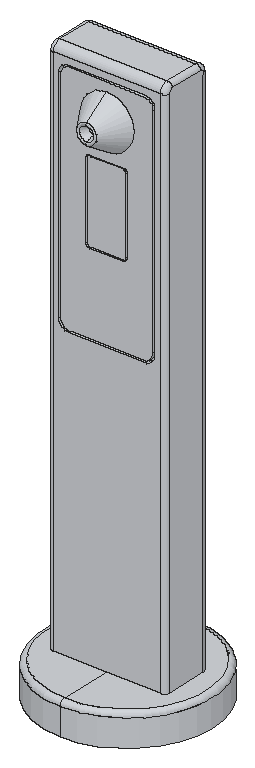
Revit family "Accessory-Touchless-Soap_Dispenser-KOHLER-Composed-K-22847_1", category Specialty Equipment, host Face, Revit 2017
Family settings
  Host = Face
  Round Connector Dimension = Use Diameter
  Part Type = Normal
  OmniClass Number = 23.31.25.29.13
  OmniClass Title = Hand Soap Dispensers
  Cut with Voids When Loaded = No
  Shared = No
  Room Calculation Point = No
Parameters (values of type "CP-Polished Chrome")
  Width = 1 5/8"  # constant formula
  WaterSense Certified = 1 = 0  # no
  URL = "https://www.us.kohler.com/us/"
  Type = 1
  Product Page URL = "http://www.us.kohler.com/us/catalog/productDetails.jsp?productId=22847"
  Product Name = "Composed"  # constant formula
  Product Documentation Link = "https://www.us.kohler.com/webassets/kpna/catalog/pdf/en/K-22847_spec_US-CA_Kohler_en.pdf"
  Model = if(Type = 1, "K-22847-CP", if(Type = 2, "K-22847-BN", if(Type = 3, "K-22847-BL", "NA")))  # "K-22847-CP"
  Material = "Cast Brass Construction"  # constant formula
  Master Format 2014 Name = "Toilet, Bath, and Laundry Accessories"  # constant formula
  Master Format 2014 = "10 28 00"  # constant formula
  Manufacturer Address = "444 Highland Dr, Kohler, WI 53044"  # constant formula
  Manufacturer = "KOHLER Co."  # constant formula
  Length = 5 9/16"  # constant formula
  Height = 1 5/8"  # constant formula
  Finish = Kohler-Metal-CP-Polished_Chrome
  Environmental Product Declaration = ""
  Description = "Wall Mount Foam Soap Dispenser-DC"  # constant formula
  Default Elevation = 42"
  Declare Label = ""
  Date Modified = "08/17/2020"  # constant formula
  Date Created = "08/17/2020"  # constant formula
  Copyright = "Copyright KOHLER Co."  # constant formula
  Contact Us = "https://www.us.kohler.com/us/static/contact.jsp"
  Assembly Code = "C1030200"
  ADA Compliant = 1 = 0  # no
Types (4): name | Type | Model | Finish
  (no name) | 1 | "K-22847-CP" | Kohler-Metal-CP-Polished_Chrome
  CP-Polished Chrome | 1 | "K-22847-CP" | Kohler-Metal-CP-Polished_Chrome
  BN-Vibrant Brushed Nickel | 2 | "K-22847-BN" | Kohler-Metal-BN-Vibrant_Brushed_Nickel
  BL-Matte Black | 3 | "K-22847-BL" | Kohler-Metal-BL-Matte_Black
Reference planes (in)
  plane 1 "Center (Front/Back)": y = 0
  plane 2: z = 0
  plane 3 "Center (Left/Right)": x = 0
  plane 4: y = 0.8125
  plane 5: y = 0.25
  plane 6: y = -0.25
  plane 7: y = -0.5
  plane 8: x = 0.8125
  plane 9: x = -0.5625
  plane 10: x = 0.5625
  plane 11: z = 5.5625
  plane 12: z = 5.0625
  plane 13: z = 0.3125
  plane 14: x = -0.8125
  plane 15: y = -0.8125
Dimensions and locks (in)
  plane 9 to plane 10 = 1 1/8"
  plane 5 to plane 6 = 1/2"
  "Length": level to plane 11
  level to plane 12 = 5 1/16"
  level to plane 13 = 5/16"
  locked: plane 5 to plane 7 at 0.75
  "Height": plane 4 to plane 15
  "Width": plane 14 to plane 8
  aligned and locked: plane 2 to host face
  aligned and locked: level to host face
  aligned and locked: plane 3 "Center (Left/Right)" to nested 1
  aligned and locked: plane 1 "Center (Front/Back)" to nested 1
Automatic sketch dimensions
  host sketch curve to host sketch curve = 96"  (x2)
Nested families (in)
  nested 1: "K-22847" at (0, 0, 0), type "K-22847"
Definition of nested family "K-22847"
  Parameters (values of type "K-22847")
    Material = none
  Reference planes (in)
    plane 1 "Center (Front/Back)": y = 0
    plane 2: z = 0
    plane 3 "Center (Left/Right)": x = 0
    plane 4: x = -0.8125
    plane 5: x = 0.8125
    plane 6: y = 0.8125
    plane 7: y = -0.8125
    plane 8: x = -0.5625
    plane 9: x = 0.5625
    plane 10: y = 0.25
    plane 11: y = -0.25
    plane 12: y = -0.5
    plane 13: z = 5.5625
    plane 14: z = 5.0625
    plane 15: z = 0.3125
  Forms (in)
    Revolve 1, solid, material <- "Material", detail levels medium+fine
      sketch origin (0, 0, 0) x (0, 1, 0) y (0, 0, 1)
        loop
          line (0, 0.3125) -> (0, 0) -> (0.8125, 0) -> (0.8125, 0.26314)
          arc (0.8125, 0.26314) -> (0.79804, 0.29804) -> (0.76314, 0.3125) r 0.04936
          line (0.76314, 0.3125) -> (0, 0.3125)
        axis (0, 0.3125) -> (0, 0)
      angle from 0 to 360
    Sweep 2, solid, material <- "Material", detail levels medium+fine
      path origin (0, 0, 0) x (0, 1, 0) y (0, 0, 1)
        loop
          line (0.25, 0.15589) -> (0.25, 5.48437)
          arc (0.25, 5.48437) -> (0.22712, 5.53962) -> (0.17187, 5.5625) r 0.07813
          line (0.17187, 5.5625) -> (-0.17188, 5.5625)
          arc (-0.17188, 5.5625) -> (-0.22712, 5.53962) -> (-0.25, 5.48437) r 0.07813
          line (-0.25, 5.48437) -> (-0.25, 0.15589)
      profile origin (0, 0, 5.5625) x (0, 0, -1) y (1, 0, 0)
        loop
          line (0, 0.51513) -> (0, -0.51513)
          arc (0, -0.51513) -> (0.01387, -0.54863) -> (0.04737, -0.5625) r 0.04737
          line (0.04737, -0.5625) -> (0.07811, -0.5625) -> (0.07811, 0.5625) -> (0.04737, 0.5625)
          arc (0.04737, 0.5625) -> (0.01387, 0.54863) -> (0, 0.51513) r 0.04737
    Extrusion 3, solid, material <- "Material", detail levels medium+fine
      sketch origin (0, 0, 0) x (0, 1, 0) y (0, 0, 1)
        loop
          line (0.17189, 0.15589) -> (0.17189, 5.48439) -> (-0.17189, 5.48439) -> (-0.17189, 0.15589) -> (0.17189, 0.15589)
      from -0.5625 to 0.5625
    Revolve 4, solid, material <- "Material", detail levels medium+fine
      sketch origin (0, 0, 0) x (0, 1, 0) y (0, 0, 1)
        loop
          line (-0.22047, 5.0625) -> (-0.22047, 5.33963) -> (-0.49329, 5.15899)
          arc (-0.49329, 5.15899) -> (-0.49997, 5.14581) -> (-0.49203, 5.13334) r 0.01493
          arc (-0.49203, 5.13334) -> (-0.4507, 5.11757) -> (-0.40679, 5.1122) r 0.18245
          line (-0.40679, 5.1122) -> (-0.35118, 5.1122) -> (-0.35118, 5.0625) -> (-0.22047, 5.0625)
        axis (-0.22047, 5.0625) -> (-0.49329, 5.0625)
      angle from 0 to 360
    Extrusion 5, void
      sketch origin (0, 0, 0) x (1, 0, 0) y (0, 0, 1)
        loop
          line (0.36885, 5.4252) -> (-0.36705, 5.4252)
          arc (-0.36705, 5.4252) -> (-0.43461, 5.39721) -> (-0.4626, 5.32965) r 0.09555
          line (-0.4626, 5.32965) -> (-0.4626, 3.20399)
          arc (-0.4626, 3.20399) -> (-0.43514, 3.13769) -> (-0.36885, 3.11024) r 0.09375
          line (-0.36885, 3.11024) -> (0.3681, 3.11024)
          arc (0.3681, 3.11024) -> (0.43492, 3.13791) -> (0.4626, 3.20473) r 0.0945
          line (0.4626, 3.20473) -> (0.4626, 5.33145)
          arc (0.4626, 5.33145) -> (0.43514, 5.39774) -> (0.36885, 5.4252) r 0.09375
        loop
          line (0.35307, 5.40551) -> (-0.35345, 5.40551)
          arc (-0.35345, 5.40551) -> (-0.41671, 5.37931) -> (-0.44291, 5.31605) r 0.08947
          line (-0.44291, 5.31605) -> (-0.44291, 3.21977)
          arc (-0.44291, 3.21977) -> (-0.4166, 3.15624) -> (-0.35307, 3.12992) r 0.08984
          line (-0.35307, 3.12992) -> (0.35205, 3.12992)
          arc (0.35205, 3.12992) -> (0.4163, 3.15653) -> (0.44291, 3.22078) r 0.09086
          line (0.44291, 3.22078) -> (0.44291, 5.31567)
          arc (0.44291, 5.31567) -> (0.4166, 5.3792) -> (0.35307, 5.40551) r 0.08984
      from 0.20199 to 0.35118
    Extrusion 6, void
      sketch origin (0, 0, 0) x (1, 0, 0) y (0, 0, 1)
        loop
          line (0.16172, 4.72441) -> (-0.16172, 4.72441)
          arc (-0.16172, 4.72441) -> (-0.18935, 4.71297) -> (-0.20079, 4.68535) r 0.03906
          line (-0.20079, 4.68535) -> (-0.20079, 3.94851)
          arc (-0.20079, 3.94851) -> (-0.18935, 3.92089) -> (-0.16172, 3.90945) r 0.03906
          line (-0.16172, 3.90945) -> (0.16177, 3.90945)
          arc (0.16177, 3.90945) -> (0.18936, 3.92088) -> (0.20079, 3.94846) r 0.03901
          line (0.20079, 3.94846) -> (0.20079, 4.68535)
          arc (0.20079, 4.68535) -> (0.18935, 4.71297) -> (0.16172, 4.72441) r 0.03906
        loop
          line (0.1578, 4.70876) -> (-0.15806, 4.70876)
          arc (-0.15806, 4.70876) -> (-0.17721, 4.70083) -> (-0.18514, 4.68169) r 0.02708
          line (-0.18514, 4.68169) -> (-0.18514, 3.95244)
          arc (-0.18514, 3.95244) -> (-0.17713, 3.9331) -> (-0.1578, 3.92509) r 0.02734
          line (-0.1578, 3.92509) -> (0.1578, 3.92509)
          arc (0.1578, 3.92509) -> (0.17713, 3.9331) -> (0.18514, 3.95244) r 0.02734
          line (0.18514, 3.95244) -> (0.18514, 4.68142)
          arc (0.18514, 4.68142) -> (0.17713, 4.70076) -> (0.1578, 4.70876) r 0.02734
      from 0.20263 to 0.27392
    Extrusion 7, solid, material <- "Material", detail levels coarse
      sketch origin (0, 0, 0) x (1, 0, 0) y (0, 1, 0)
        loop
          arc (0, 0.8125) -> (-0.57452, 0.57452) -> (-0.8125, 0) r 0.8125
          arc (-0.8125, 0) -> (-0.57452, -0.57452) -> (0, -0.8125) r 0.8125
          arc (0, -0.8125) -> (0.57452, -0.57452) -> (0.8125, 0) r 0.8125
          arc (0.8125, 0) -> (0.57452, 0.57452) -> (0, 0.8125) r 0.8125
      from 0 to 0.3125
    Extrusion 8, solid, material <- "Material", detail levels coarse
      sketch origin (0, 0, 0) x (1, 0, 0) y (0, 1, 0)
        loop
          line (-0.5625, 0.25) -> (-0.5625, -0.25) -> (0.5625, -0.25) -> (0.5625, 0.25) -> (-0.5625, 0.25)
      from 0.3125 to 5.5625
    Revolve 9, solid, material <- "Material", detail levels coarse
      sketch origin (0, 0, 0) x (0, 1, 0) y (0, 0, 1)
        loop
          line (-0.25, 5.0625) -> (-0.25, 5.32009) -> (-0.5, 5.15478) -> (-0.5, 5.0625) -> (-0.25, 5.0625)
        axis (-0.25, 5.0625) -> (-0.5, 5.0625)
      angle from 0 to 360
    Extrusion 10, solid, material <- "Material", detail levels medium+fine
      sketch origin (0, 0, 0) x (1, 0, 0) y (0, 1, 0)
        loop
          circle (0, 0) r 0.0387
      from 0 to 0.10461
  Cuts and joins
    joined: Extrusion 7, Extrusion 8, Revolve 9
    Extrusion 5, Extrusion 6 cuts Sweep 2
    joined: Revolve 1, Sweep 2, Extrusion 3, Revolve 4
  Lines and regions (in)
    Masking region 1
      outline origin (0, 0, 0) x (0, 1, 0) y (0, 0, 1)
        loop
          line (0.25, 0.3125) -> (0.25, 5.51217)
          arc (0.25, 5.51217) -> (0.23526, 5.54776) -> (0.19967, 5.5625) r 0.05033
          line (0.19967, 5.5625) -> (-0.19967, 5.5625)
          arc (-0.19967, 5.5625) -> (-0.23526, 5.54776) -> (-0.25, 5.51217) r 0.05033
          line (-0.25, 5.51217) -> (-0.25, 5.32009) -> (-0.48476, 5.16486)
          arc (-0.48476, 5.16486) -> (-0.49595, 5.15261) -> (-0.5, 5.13652) r 0.03398
          line (-0.5, 5.13652) -> (-0.5, 4.98848)
          arc (-0.5, 4.98848) -> (-0.49595, 4.97239) -> (-0.48476, 4.96014) r 0.03398
          line (-0.48476, 4.96014) -> (-0.25, 4.80491) -> (-0.25, 0.3125) -> (-0.76441, 0.3125)
          arc (-0.76441, 0.3125) -> (-0.79841, 0.29841) -> (-0.8125, 0.26441) r 0.04809
          line (-0.8125, 0.26441) -> (-0.8125, 0) -> (0.8125, 0) -> (0.8125, 0.26441)
          arc (0.8125, 0.26441) -> (0.79841, 0.29841) -> (0.76441, 0.3125) r 0.04809
          line (0.76441, 0.3125) -> (0.25, 0.3125)
    Masking region 2
      outline origin (0, 0, 0) x (1, 0, 0) y (0, 0, 1)
        loop
          line (0.8125, 0) -> (0.8125, 0.26138)
          arc (0.8125, 0.26138) -> (0.79753, 0.29753) -> (0.76138, 0.3125) r 0.05112
          line (0.76138, 0.3125) -> (0.5625, 0.3125) -> (0.5625, 5.53656)
          arc (0.5625, 5.53656) -> (0.5549, 5.5549) -> (0.53656, 5.5625) r 0.02594
          line (0.53656, 5.5625) -> (-0.53656, 5.5625)
          arc (-0.53656, 5.5625) -> (-0.5549, 5.5549) -> (-0.5625, 5.53656) r 0.02594
          line (-0.5625, 5.53656) -> (-0.5625, 0.3125) -> (-0.76138, 0.3125)
          arc (-0.76138, 0.3125) -> (-0.79753, 0.29753) -> (-0.8125, 0.26138) r 0.05112
          line (-0.8125, 0.26138) -> (-0.8125, 0) -> (0.8125, 0)
    Masking region 3
      outline origin (0, 0, 0) x (1, 0, 0) y (0, 1, 0)
        loop
          arc (-0.8125, 0) -> (-0.57452, -0.57452) -> (0, -0.8125) r 0.8125
          arc (0, -0.8125) -> (0.57452, -0.57452) -> (0.8125, 0) r 0.8125
          arc (0.8125, 0) -> (0.57452, 0.57452) -> (0, 0.8125) r 0.8125
          arc (0, 0.8125) -> (-0.57452, 0.57452) -> (-0.8125, 0) r 0.8125
    symbolic lines, detail levels medium+fine
      curve 1: line (0, 0.25, 0.3125) -> (0, -0.25, 0.3125)
      curve 2: line (0, -0.25, 4.80491) -> (0, -0.25, 5.31567)
      curve 3: line (0.5625, 0, 0.3125) -> (-0.5625, 0, 0.3125)
      curve 4: line (-0.51599, 0.25, 0) -> (0.51376, 0.25, 0)
      curve 5: line (-0.5625, 0.20349, 0) -> (-0.5625, -0.20218, 0)
      curve 6: line (0.5625, 0.20126, 0) -> (0.5625, -0.20313, 0)
      curve 7: line (-0.51468, -0.25, 0) -> (-0.25757, -0.25, 0)
      curve 8: line (-0.07724, -0.5, 0) -> (0.07724, -0.5, 0)
      curve 9: arc (-0.51599, 0.25, 0) -> (-0.54888, 0.23638, 0) -> (-0.5625, 0.20349, 0) r 0.04651
      curve 10: arc (0.51376, 0.25, 0) -> (0.54822, 0.23572, 0) -> (0.5625, 0.20126, 0) r 0.04874
      curve 11: arc (0.51563, -0.25, 0) -> (0.54877, -0.23627, 0) -> (0.5625, -0.20313, 0) r 0.04688
      curve 12: arc (-0.5625, -0.20218, 0) -> (-0.54849, -0.23599, 0) -> (-0.51468, -0.25, 0) r 0.04782
      curve 13: line (-0.25757, -0.25, 0) -> (-0.09999, -0.48778, 0)
      curve 14: arc (-0.09999, -0.48778, 0) -> (-0.09016, -0.49675, 0) -> (-0.07724, -0.5, 0) r 0.02729
      curve 15: line (0.25757, -0.25, 0) -> (0.09999, -0.48778, 0)
      curve 16: arc (0.09999, -0.48778, 0) -> (0.09016, -0.49675, 0) -> (0.07724, -0.5, 0) r 0.02729
      curve 17: line (0.25757, -0.25, 0) -> (0.51563, -0.25, 0)
      curve 18: line (-0.25757, -0.25, 0) -> (0.25757, -0.25, 0)
  Dimensions and locks (in)
    plane 4 to plane 5 = 1 5/8"
    locked: plane 8 to plane 9 at 1.125
    locked: plane 11 to plane 10 at 0.5
    plane 10 to plane 12 = 3/4"
    plane 13 to level = 5 9/16"
    plane 14 to level = 5 1/16"
    plane 15 to level = 5/16"
    aligned and locked: plane 2 to level
    aligned and locked: plane 12 to Revolve 9 sketch curve
